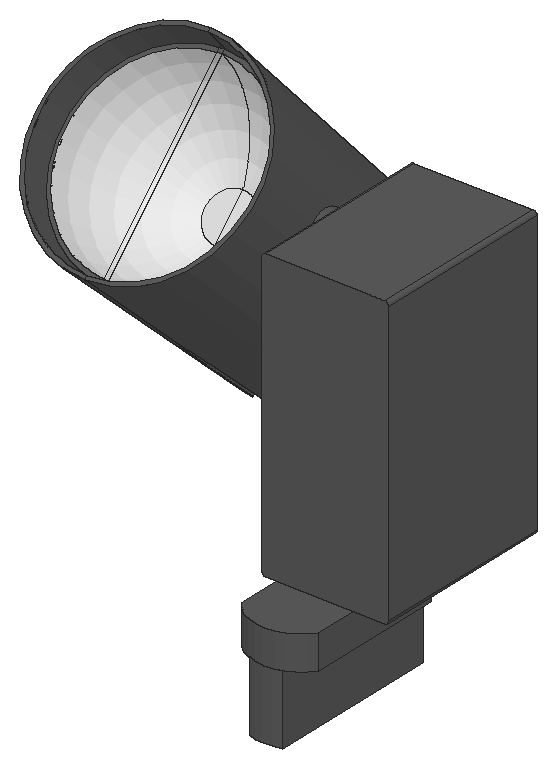
Revit family "0004887 Feilo Sylvania Lighting Fixture START TRACK SPOT S 24W 3K RA90 MB BLACK", category Lighting Fixtures, host Face, Revit 2017 (continued)
Definition of nested family "Start Track Spot Head"
  Types (96, lengths in mm): name | Wattage | built-in parameter 1150134 | Photometric Web File | Model | built-in parameter 1150105 | Lumens | built-in parameter 1150107 | built-in parameter 1150106 | HeadThickness_FEILO | HeadRibOffset_FEILO | HeadRibDepth_FEILO | HeadRibCutWidth_FEILO | HeadRibCutOffset_FEILO | HeadReflectorRadius_FEILO | HeadReflectorOffset_FEILO | HeadLEDRadius_FEILO | HeadHeight_FEILO | HeadDiffusorOffset_FEILO | HeadDiaOut_FEILO | HeadDiaIn_FEILO | HeadAxisFromTop_FEILO | Emit from Circle Diameter | built-in parameter 1150104 | Description | Apparent Load
    0004812 START TRACK SPOT S 14W 3K RA80 MB WHITE | 14 W | (empty or 0) | "0004812.ies" | "START TRACK SPOT S 14W 3K RA80 MB WHITE" | 120.32 (stored number, unit not read) | 1512 lm | 3000 (stored number, unit not read) | 1.2032 (stored number, unit not read) | 1.5 | 4.179 | 55.714 | 7.167 | 50.87 | 50.588 | 55.714 | 9.556 | 117 | 9.435 | 86 | 77.477 | 69.354 | 77.477 | 10.034 (stored number, unit not read) | "Integrated LED spotlight, Textured White - RAL9016, compact and minimalist design, ideal for retail applications, die-cast aluminium body, passive cooling heatsink. Beam angle: 36°, color temperature: 3000K , total system power: 14W, total fixture output: 1508 lm, LOR: 100%, colour rendering: Ra: 80 typical, LED Chromaticity: 3 step MacAdam ellipse, lifetime: >50000 hours at L70B50, energy class: A++, A+, A, IR/UV free light source without heat radiation, operating voltage: 220-240V / 50-60Hz, drive current: 350mA, electronic driver, non-dimmable, power factor: 0.92, electrical protection: Class II, Global Track 3 Phase adapter suitable for Global trac 3-circuit tracks, ingress protection rating: IP20, suitable for internal environment only, horizontal rotation: 355°, vertical tilt: 90°, dimensions: Ø86x140x200, weight: 0.940kg." | 14 VA
    0004811 START TRACK SPOT S 14W 3K RA80 NB WHITE | 14 W | (empty or 0) | "0004811.ies" | "START TRACK SPOT S 14W 3K RA80 NB WHITE" | 123.66 (stored number, unit not read) | 1554 lm | 3000 (stored number, unit not read) | 1.2366 (stored number, unit not read) | 1.5 | 4.179 | 55.714 | 7.167 | 50.87 | 50.588 | 55.714 | 9.556 | 117 | 9.435 | 86 | 77.477 | 69.354 | 77.477 | 10.312 (stored number, unit not read) | "Integrated LED spotlight, Textured White - RAL9016, compact and minimalist design, ideal for retail applications, die-cast aluminium body, passive cooling heatsink. Beam angle: 12°, color temperature: 3000K , total system power: 14W, total fixture output: 1551 lm, LOR: 100%, colour rendering: Ra: 80 typical, LED Chromaticity: 3 step MacAdam ellipse, lifetime: >50000 hours at L70B50, energy class: A++, A+, A, IR/UV free light source without heat radiation, operating voltage: 220-240V / 50-60Hz, drive current: 350mA, electronic driver, non-dimmable, power factor: 0.92, electrical protection: Class II, Global Track 3 Phase adapter suitable for Global trac 3-circuit tracks, ingress protection rating: IP20, suitable for internal environment only, horizontal rotation: 355°, vertical tilt: 90°, dimensions: Ø86x140x200, weight: 0.940kg." | 14 VA
  Reference planes
    plane 1 "Center (Front/Back)": y = 0
    plane 2: z = 0
    plane 3 "Center (Left/Right)": x = 0
    plane 4: x = 43
    plane 5: x = -43
    plane 6: x = -38.739
    plane 7: x = 38.739
    plane 8: z = 69.354
    plane 9: z = -47.646
    plane 10: x = -41.5
    plane 11: x = -37.239
    plane 12: z = -38.211
    plane 13: z = -35.211
    plane 14: z = 8.068
    plane 15: x = -9.556
    plane 16: x = -28.667
    plane 17: x = -19.111
    plane 18: x = -27.167
    plane 19: x = -17.611
    plane 20: x = -8.056
    plane 21: z = 13.64
    plane 22: x = -29.667
    plane 23: x = -26.167
    plane 24: x = -20.111
    plane 25: x = -16.611
    plane 26: x = -10.556
    plane 27: x = -7.056
    plane 28: x = -36.239
    plane 29: x = -40.5
    plane 30: z = 65.175
    plane 31: z = 60.997
    plane 32: z = 56.818
    plane 33: z = 18.484
    plane 34: y = -43
    plane 35: y = 43
    plane 36: y = 3.583
    plane 37: y = -3.583
    plane 38: y = -2.583
    plane 39: y = 2.583
    plane 40: y = 46
    plane 41: z = 13.5
    plane 42: z = -13.5
    plane 43: y = 39
    plane 44: x = 4.708
    plane 45: x = -2.458
    plane 46: x = -1.458
    plane 47: x = 1.458
  Forms (mm)
    Extrusion 1, solid
      sketch origin (4.2, 0, 0) x (1, 0, 0) y (0, 1, 0)
        loop
          line (-1219.2, 1219.2) -> (-1219.2, -1219.2) -> (1219.2, -1219.2) -> (1219.2, 1219.2) -> (-1219.2, 1219.2)
      from 0 to -68.017
    Revolve 2, solid, material <- "Material_1_FEILO", detail levels medium+fine
      sketch origin (0, 0, 0) x (1, 0, 0) y (0, 0, 1)
        loop
          line (-43, -47.646) -> (-41.5, -47.646) -> (-40.5, -35.211) -> (-38.739, -35.211)
          arc (-38.739, -35.211) -> (-30.16, -9.517) -> (-9.556, 8.068) r 50.588
          line (-9.556, 8.068) -> (0, 8.068) -> (0, 13.64) -> (-16.611, 13.64) -> (-17.611, 60.997) -> (-19.111, 60.997) -> (-20.111, 13.64) -> (-36.239, 13.64) -> (-37.239, 69.354) -> (-38.739, 69.354) -> (-43, -47.646)
        axis (0, 69.354) -> (0, -47.646)
      angle from 360 to 0
    Extrusion 3, void
      sketch origin (0, 0, 0) x (0, 1, 0) y (0, 0, 1)
        loop
          line (-3.583, 69.354) -> (-2.583, 18.484) -> (1.932, 18.484) -> (2.932, 69.354) -> (-3.583, 69.354)
      from 43 to -43
    Revolve 4, solid, material <- "Material_2_FEILO", detail levels medium+fine
      sketch origin (0, 0, 0) x (1, 0, 0) y (0, 0, 1)
        loop
          line (-41.5, -38.211) -> (0, -38.211) -> (0, -35.211) -> (-41.5, -35.211) -> (-41.5, -38.211)
        axis (0, -35.211) -> (0, -38.211)
      angle from 360 to 0
    Revolve 5, solid, material <- "Material_1_FEILO"
      sketch origin (0, 0, 0) x (0, 1, 0) y (0, 0, 1)
        loop
          line (46, 0) -> (39, 0) -> (39, -13.5) -> (46, -13.5) -> (46, 0)
        axis (39, 0) -> (46, 0)
      angle from 360 to 0
    Revolve 6, solid, material <- "Material_1_FEILO", detail levels medium+fine
      sketch origin (0, 0, 0) x (1, 0, 0) y (0, 0, 1)
        loop
          line (-29.667, 13.64) -> (-26.167, 13.64) -> (-27.167, 65.175) -> (-28.667, 65.175) -> (-29.667, 13.64)
        loop
          line (-10.556, 13.64) -> (-7.056, 13.64) -> (-7.833, 56.818) -> (-9.778, 56.818) -> (-10.556, 13.64)
        axis (0, 65.175) -> (0, 13.64)
      angle from 360 to 0
    Extrusion 7, void
      sketch origin (0, 0, 0) x (1, 0, 0) y (0, 0, 1)
        loop
          line (4.708, 69.354) -> (-2.458, 69.354) -> (-1.458, 13.64) -> (1.458, 13.64) -> (4.708, 69.354)
      from -43 to 43
    Revolve 8, solid, material <- "Material_1_FEILO", detail levels coarse
      sketch origin (0, 0, 0) x (1, 0, 0) y (0, 0, 1)
        loop
          line (0, 69.354) -> (-38.739, 69.354) -> (-43, -47.646) -> (-41.5, -47.646) -> (-40.731, -38.211) -> (0, -38.211) -> (0, 69.354)
        axis (0, 69.354) -> (0, -47.646)
      angle from 360 to 0
  Cuts and joins
    Extrusion 3 cuts Revolve 2
    Extrusion 7 cuts Revolve 6
  Dimensions and locks
    equal spacing: plane 7, plane 3 "Center (Left/Right)", plane 6
    equal spacing: plane 4, plane 3 "Center (Left/Right)", plane 5
    "HeadDiaOut_FEILO": plane 4 to plane 5
    "HeadDiaIn_FEILO": plane 7 to plane 6
    "HeadHeight_FEILO": plane 8 to plane 9
    "HeadThickness_FEILO": plane 10 to plane 5
    "HeadThickness_FEILO": plane 11 to plane 6
    "HeadDiffusorOffset_FEILO": plane 12 to plane 9
    "HeadDiffusorThickness_FEILO": plane 13 to plane 12
    "HeadReflectorOffset_FEILO": plane 14 to plane 9
    "HeadLEDRadius_FEILO": plane 3 "Center (Left/Right)" to plane 15
    "HeadLEDRadius_FEILO": plane 15 to plane 17
    "HeadLEDRadius_FEILO": plane 17 to plane 16
    "HeadThickness_FEILO": plane 18 to plane 16
    "HeadThickness_FEILO": plane 19 to plane 17
    "HeadThickness_FEILO": plane 20 to plane 15
    "HeadRibDepth_FEILO": plane 8 to plane 21
    "HeadDraft_FEILO": plane 16 to plane 22
    "HeadDraft_FEILO": plane 23 to plane 18
    "HeadDraft_FEILO": plane 17 to plane 24
    "HeadDraft_FEILO": plane 25 to plane 19
    "HeadDraft_FEILO": plane 15 to plane 26
    "HeadDraft_FEILO": plane 27 to plane 20
    "HeadDraft_FEILO": plane 29 to plane 10
    "HeadDraft_FEILO": plane 28 to plane 11
    "HeadRibOffset_FEILO": plane 8 to plane 30
    "HeadRibOffset_FEILO": plane 30 to plane 31
    "HeadRibOffset_FEILO": plane 31 to plane 32
    "HeadAxisFromTop_FEILO": plane 8 to plane 2
    "HeadRibCutOffset_FEILO": plane 8 to plane 33
    equal spacing: plane 34, plane 1 "Center (Front/Back)", plane 35
    "HeadDiaOut_FEILO": plane 34 to plane 35
    equal spacing: plane 38, plane 1 "Center (Front/Back)", plane 39
    equal spacing: plane 37, plane 1 "Center (Front/Back)", plane 36
    "HeadRibCutWidth_FEILO": plane 37 to plane 36
    "HeadDraft_FEILO": plane 37 to plane 38
    locked: plane 35 to plane 40 at 3
    equal spacing: plane 41, plane 2, plane 42
    locked: plane 42 to plane 41 at 27
    locked: plane 43 to plane 35 at 4
    equal spacing: plane 45, imposter light, plane 44
    "HeadDraft_FEILO": plane 46 to plane 45
    "HeadRibCutWidth_FEILO": plane 44 to plane 45
    equal spacing: plane 47, plane 3 "Center (Left/Right)", plane 46
    "HeadReflectorRadius_FEILO": radius of Revolve 2 sketch curve
    aligned and locked: plane 2 to Extrusion 1
    aligned and locked: level to Extrusion 1
    aligned and locked: Revolve 2 sketch curve to plane 3 "Center (Left/Right)"  (x2)
    aligned and locked: plane 9 to Revolve 2 sketch curve  (x2)
    aligned and locked: plane 5 to Revolve 2 sketch curve
    aligned and locked: plane 10 to Revolve 2 sketch curve
    aligned and locked: plane 14 to Revolve 2 sketch curve
    aligned and locked: plane 8 to Revolve 2 sketch curve
    aligned and locked: Revolve 2 sketch curve to plane 13
    aligned and locked: plane 12 to Revolve 4 sketch curve
    aligned and locked: plane 3 "Center (Left/Right)" to Revolve 4 sketch curve
    aligned and locked: Revolve 4 sketch curve to plane 10
    aligned and locked: Revolve 4 sketch curve to plane 3 "Center (Left/Right)"
    aligned and locked: plane 12 to imposter light
    aligned and locked: imposter light to plane 1 "Center (Front/Back)"
    aligned and locked: Revolve 5 sketch curve to plane 2
    aligned and locked: plane 43 to Revolve 5 sketch curve
    aligned and locked: plane 42 to Revolve 5 sketch curve
    aligned and locked: Revolve 6 sketch curve to plane 3 "Center (Left/Right)"
    aligned and locked: plane 22 to Revolve 6 sketch curve
    aligned and locked: plane 30 to Revolve 6 sketch curve
    aligned and locked: plane 23 to Revolve 6 sketch curve
    aligned and locked: Revolve 6 sketch curve to plane 21  (x2)
    aligned and locked: plane 21 to Revolve 6 sketch curve
    aligned and locked: plane 17 to Revolve 2 sketch curve
    aligned and locked: plane 19 to Revolve 2 sketch curve
    aligned and locked: plane 31 to Revolve 2 sketch curve
    aligned and locked: plane 21 to Revolve 2 sketch curve
    aligned and locked: Extrusion 3 to plane 8
    aligned and locked: plane 33 to Extrusion 3
    aligned and locked: plane 8 to Extrusion 3 sketch curve
    aligned and locked: Extrusion 3 sketch curve to plane 33
    aligned and locked: Extrusion 3 to plane 5
    aligned and locked: plane 4 to Extrusion 3
    aligned and locked: plane 32 to Revolve 6 sketch curve
    aligned and locked: plane 44 to Extrusion 7 sketch curve
    aligned and locked: Extrusion 7 sketch curve to plane 8
    aligned and locked: plane 46 to Extrusion 7 sketch curve
    aligned and locked: plane 21 to Extrusion 7 sketch curve
    aligned and locked: plane 34 to Extrusion 7
    aligned and locked: Extrusion 7 to plane 35
    aligned and locked: Revolve 4 sketch curve to plane 13
    aligned and locked: Revolve 5 sketch curve to plane 40
    aligned and locked: Revolve 8 sketch curve to plane 3 "Center (Left/Right)"
    aligned and locked: Revolve 8 sketch curve to cut or joined group of Revolve 2, Extrusion 3  (x3)
    aligned and locked: plane 5 to Revolve 8 sketch curve
    aligned and locked: plane 3 "Center (Left/Right)" to Revolve 8 sketch curve
    aligned and locked: plane 12 to Revolve 8 sketch curve
  Automatic sketch dimensions
    Extrusion 1 sketch curve to Extrusion 1 sketch curve = 2438.4 mm  (x2)
    Extrusion 3 sketch curve to plane 37 = 0 mm
    Extrusion 3 sketch curve to plane 38 = 0 mm
    plane 39 to Extrusion 3 sketch curve = 0.651 mm
    Extrusion 3 sketch curve to plane 39 = 0.349 mm
    Revolve 6 sketch curve to plane 16 = 0 mm
    Revolve 6 sketch curve to plane 18 = 0 mm
    Revolve 6 sketch curve to plane 26 = 0 mm
    Revolve 6 sketch curve to plane 27 = 0 mm
    Revolve 6 sketch curve to plane 15 = 0.222 mm
    plane 9 to Revolve 6 sketch curve = 559.103 mm
    Revolve 6 sketch curve to plane 8 = 2535.555 mm
    plane 20 to Revolve 6 sketch curve = 0.222 mm
    Revolve 2 sketch curve to plane 29 = 0 mm
    Revolve 2 sketch curve to plane 6 = 0 mm  (x2)
    Revolve 2 sketch curve to plane 11 = 0 mm
    Revolve 2 sketch curve to plane 21 = 0 mm
    Revolve 2 sketch curve to plane 28 = 0 mm
    Revolve 2 sketch curve to plane 24 = 0 mm
    Revolve 2 sketch curve to plane 25 = 0 mm
    Revolve 2 sketch curve to plane 15 = 0 mm
    Revolve 2 sketch curve to Revolve 2 sketch curve = 557.155 mm
    Revolve 2 sketch curve to plane 8 = 2535.558 mm
    Extrusion 7 sketch curve to plane 45 = 0 mm
    Extrusion 7 sketch curve to plane 47 = 0 mm
    plane 9 to Revolve 4 sketch curve = 559.103 mm
    Revolve 4 sketch curve to plane 8 = 2535.555 mm
    Revolve 5 sketch curve to level = 0 mm
    plane 34 to Revolve 5 sketch curve = 1968.092 mm
    Revolve 5 sketch curve to plane 40 = 1405.763 mm
    Revolve 8 sketch curve to plane 6 = 0 mm
    Revolve 8 sketch curve to plane 29 = 0.231 mm
    plane 9 to Revolve 8 sketch curve = 559.103 mm
    Revolve 8 sketch curve to Revolve 8 sketch curve = 2535.555 mm
Definition of nested family "Start Track Spot Box"
  Parameters (values of type "Type Large White")
    URL = "http://www.feilosylvania.com"
    Type Image = (empty or 0)
    Type Comments = "n/a"
    Small_FEILO = no
    Material_3_FEILO = none
    Model = ""
    Manufacturer = "Feilo Sylvania"
    Keynote = ""
    Material_2_FEILO = none
    Description = ""
    Default Elevation = 1219.2 mm
    Cost = 0
    Material_1_FEILO = none
    BoxWidth_FEILO = 49 mm
    BoxStartAngle_FEILO [instance] = 0.00°
    BoxRadius_FEILO = 1.5 mm
    BoxHeight_FEILO = if(Small_FEILO, 112 mm, 136 mm)  # 136 mm
    BoxEndAngle_FEILO [instance] = BoxStartAngle_FEILO - 180.00°  # -180.00°
    BoxDepth_FEILO = if(Small_FEILO, 71.5 mm, 79 mm)  # 79 mm
    BoxAxisVerticalOffset_FEILO = 16 mm
    BoxAxisOffset_FEILO = BoxHeight_FEILO / 6.8  # 20 mm
    Assembly Code = ""
    Material_4_FEILO = none
  Types (4, lengths in mm): name | Small_FEILO | BoxHeight_FEILO | BoxDepth_FEILO | BoxAxisOffset_FEILO
    Type Large White | no | 136 | 79 | 20
    Type Small White | yes | 112 | 71.5 | 16.471
    Type Small Black | yes | 112 | 71.5 | 16.471
    Type Large Black | no | 136 | 79 | 20
  Reference planes
    plane 1 "Center (Front/Back)": y = 0
    plane 2: z = 0
    plane 3 "Center (Left/Right)": x = 0
    plane 4: x = 24.5
    plane 5: x = -24.5
    plane 6: y = 68
    plane 7: y = -68
    plane 8: z = 39.5
    plane 9: z = -39.5
    plane 10: y = -48
    plane 11: x = 30.5
    plane 12: x = 8.5
    plane 13: x = 21.5
    plane 14: y = 70
    plane 15: y = 72
    plane 16: x = 19.5
  Forms (mm)
    Extrusion 1, solid
      sketch origin (4.2, 0, 0) x (1, 0, 0) y (0, 1, 0)
        loop
          line (-1219.2, 1219.2) -> (-1219.2, -1219.2) -> (1219.2, -1219.2) -> (1219.2, 1219.2) -> (-1219.2, 1219.2)
      from 0 to -68.017
    Extrusion 2, solid, material <- "Material_1_FEILO"
      sketch origin (0, 0, 0) x (1, 0, 0) y (0, 1, 0)
        loop
          arc (-23, 68) -> (-24.061, 67.561) -> (-24.5, 66.5) r 1.5
          line (-24.5, 66.5) -> (-24.5, -66.5)
          arc (-24.5, -66.5) -> (-24.061, -67.561) -> (-23, -68) r 1.5
          line (-23, -68) -> (23, -68)
          arc (23, -68) -> (24.061, -67.561) -> (24.5, -66.5) r 1.5
          line (24.5, -66.5) -> (24.5, 66.5)
          arc (24.5, 66.5) -> (24.061, 67.561) -> (23, 68) r 1.5
          line (23, 68) -> (-23, 68)
      from -39.5 to 39.5
    Revolve 3, solid, not visible
      sketch origin (0, 0, 0) x (1, 0, 0) y (0, 1, 0)
        loop
          line (30.5, -48) -> (24.5, -48) -> (24.5, -68) -> (30.5, -68) -> (30.5, -48)
        axis (30.5, -48) -> (24.5, -48)
      angle from 0 <- "BoxStartAngle_FEILO" to -180 <- "BoxEndAngle_FEILO"
    Revolve 4, solid, material <- "Material_2_FEILO"
      sketch origin (0, 0, 0) x (1, 0, 0) y (0, 1, 0)
        loop
          line (8.5, 68) -> (19.5, 68) -> (19.5, 70) -> (21.5, 70) -> (21.5, 72) -> (8.5, 72) -> (8.5, 68)
        axis (8.5, 72) -> (8.5, 68)
      angle from 360 to 0
  Dimensions and locks
    equal spacing: plane 5, plane 3 "Center (Left/Right)", plane 4
    "BoxWidth_FEILO": plane 5 to plane 4
    equal spacing: plane 7, plane 1 "Center (Front/Back)", plane 6
    "BoxHeight_FEILO": plane 7 to plane 6
    equal spacing: plane 8, plane 2, plane 9
    "BoxDepth_FEILO": plane 8 to plane 9
    "BoxAxisOffset_FEILO": plane 7 to plane 10
    locked: plane 4 to plane 11 at 6
    "BoxAxisVerticalOffset_FEILO": plane 12 to plane 4
    locked: plane 12 to plane 13 at 13
    plane 6 to plane 14 to plane 15 = 2 mm locked, 2 mm locked
    locked: plane 12 to plane 16 at 11
    "BoxRadius_FEILO": radius of Extrusion 2 sketch curve  (x4)
    aligned and locked: plane 2 to Extrusion 1
    aligned and locked: level to Extrusion 1
    aligned and locked: plane 6 to Extrusion 2 sketch curve
    aligned and locked: plane 5 to Extrusion 2 sketch curve
    aligned and locked: Extrusion 2 sketch curve to plane 7
    aligned and locked: Extrusion 2 sketch curve to plane 4
    aligned and locked: Extrusion 2 to plane 8
    aligned and locked: plane 9 to Extrusion 2
    aligned and locked: Revolve 3 sketch curve to plane 10  (x2)
    aligned and locked: plane 11 to Revolve 3 sketch curve
    aligned and locked: Revolve 3 sketch curve to plane 4
    aligned and locked: plane 7 to Revolve 3 sketch curve
    aligned and locked: Revolve 4 sketch curve to plane 12
    aligned and locked: plane 6 to Revolve 4 sketch curve
    aligned and locked: plane 12 to Revolve 4 sketch curve
    aligned and locked: plane 15 to Revolve 4 sketch curve
    aligned and locked: Revolve 4 sketch curve to plane 13
    aligned and locked: Revolve 4 sketch curve to plane 14
    aligned and locked: Revolve 4 sketch curve to plane 16
    aligned and locked: Revolve 4 sketch curve to plane 6
  Automatic sketch dimensions
    Extrusion 1 sketch curve to Extrusion 1 sketch curve = 2438.4 mm  (x2)
    Revolve 3 sketch curve to plane 5 = 1499.5 mm
    plane 11 to Revolve 3 sketch curve = 1493.5 mm
    plane 15 to Revolve 4 sketch curve = 0 mm
    plane 7 to Revolve 4 sketch curve = 1456 mm
    Revolve 4 sketch curve to plane 15 = 1452 mm
